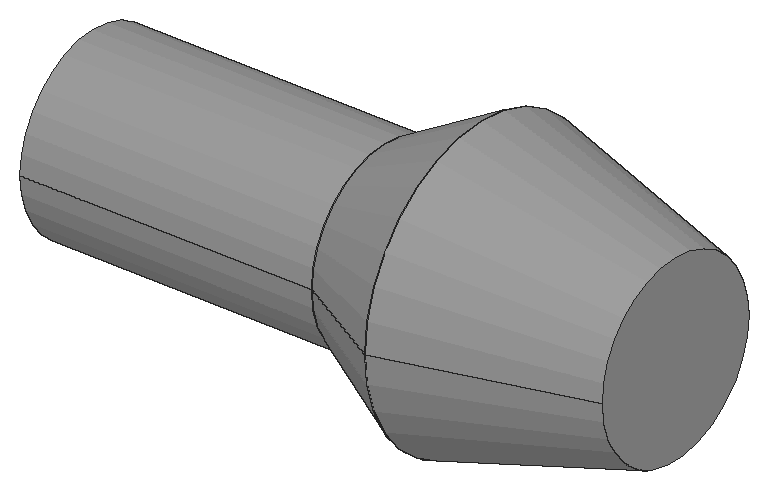
Revit family "Branch Connection - Threaded - Generic", category Pipe Fittings, Revit 2027
Family settings
  Round Connector Dimension = Use Radius
  Part Type = Spud - Perpendicular
  Work Plane-Based = No
  Always vertical = Yes
  Cut with Voids When Loaded = No
  Shared = No
Parameters (values of type "1/4" Connection")
  built-in parameter 1114214 [instance] = 0' - 1"
  built-in parameter 1114213 [instance] = 0' - 1"
  built-in parameter 1114215 [instance] = size_lookup(Lookup Table Name, "Lgt", 0.36 * Nominal Diameter + 205/256", Nominal Diameter)  # 0.0625 (stored number, unit not read)
  Nominal Radius [instance] = 1/8"
  Nominal Diameter [instance] = Nominal Radius * 2  # 1/4"
  Loss Method = Not Defined
  Lookup Table Name = "Branch Connection - Threaded - Generic"
  Fitting Outside Radius 2 [instance] = Fitting Outside Diameter 2 / 2  # 5/16"
  Fitting Outside Radius 1 [instance] = Fitting Outside Diameter 1 / 2  # 1/2"
  Fitting Outside Diameter 2 [instance] = size_lookup(Lookup Table Name, "FOD2", 1.05 * Nominal Diameter + 27/64", Nominal Diameter)  # 5/8"
  Fitting Outside Diameter 1 [instance] = size_lookup(Lookup Table Name, "FOD1", 1.31 * Nominal Diameter + 101/128", Nominal Diameter)  # 1"
  Fitting Material = Steel, Carbon
  Default Elevation = 0' - 0"
Types (4): name | built-in parameter 1114215 | Nominal Radius | Nominal Diameter | Fitting Outside Radius 2 | Fitting Outside Radius 1 | Fitting Outside Diameter 2 | Fitting Outside Diameter 1
  1/4" Connection | 0.0625 (stored number, unit not read) | 1/8" | 1/4" | 5/16" | 1/2" | 5/8" | 1"
  1 1/4 Connection | 0.10938 (stored number, unit not read) | 5/8" | 1 1/4" | 7/8" | 1 9/32" | 1 3/4" | 2 9/16"
  1/2" Connection | 0.083333 (stored number, unit not read) | 1/4" | 1/2" | 15/32" | 45/64" | 15/16" | 1 13/32"
  Standard | 0.0625 (stored number, unit not read) | 1/16" | 1/8" | 5/16" | 1/2" | 5/8" | 1"
Reference planes (in)
  plane 1 "Center (Front/Back)": y = 0
  plane 2: z = 0
  plane 3 "Center (Left/Right)": x = 0
  plane 4: x = -1
  plane 5: x = 1
  plane 6: x = 0.33333
  plane 7: x = 0.66667
Forms (in)
  Extrusion 1, solid, material "Steel, Carbon" <- "Fitting Material", detail levels fine
    sketch origin (0, 0, 0) x (0, 1, 0) y (0, 0, 1)
      loop
        circle (0, 0) r 0.3125
    from -1 to 0
  Blend 2, solid, material "Steel, Carbon" <- "Fitting Material", detail levels fine
    base sketch origin (0, 0, 0) x (0, 1, 0) y (0, 0, 1)
      loop
        circle (0, 0) r 0.3125
    top sketch origin (0, 0, 0) x (0, 1, 0) y (0, 0, 1)
      loop
        circle (0, 0) r 0.5
    from 0 to 0.33333
  Blend 3, solid, material "Steel, Carbon" <- "Fitting Material", detail levels fine
    base sketch origin (0, 0, 0) x (0, 1, 0) y (0, 0, 1)
      loop
        circle (0, 0) r 0.3125
    top sketch origin (0, 0, 0) x (0, 1, 0) y (0, 0, 1)
      loop
        circle (0, 0) r 0.5
    from 1 to 0.33333
Dimensions and locks (in)
  "built-in parameter 1114214": plane 4 to plane 3 "Center (Left/Right)"
  "built-in parameter 1114213": plane 3 "Center (Left/Right)" to plane 5
  equal spacing: plane 3 "Center (Left/Right)", plane 6, plane 7, plane 5
  "Fitting Outside Radius 2": radius of Extrusion 1 sketch curve
  "Fitting Outside Radius 2": radius of Blend 2 sketch curve
  "Fitting Outside Radius 1": radius of Blend 2 sketch curve
  "Fitting Outside Radius 2": radius of Blend 3 sketch curve
  "Fitting Outside Radius 1": radius of Blend 3 sketch curve
  aligned and locked: plane 2 to level
  aligned and locked: plane 2 to Extrusion 1 sketch curve
  aligned and locked: plane 1 "Center (Front/Back)" to Extrusion 1 sketch curve
  aligned and locked: Extrusion 1 to plane 4
  aligned and locked: plane 3 "Center (Left/Right)" to Extrusion 1
  aligned and locked: plane 2 to Blend 2 sketch curve  (x2)
  aligned and locked: plane 1 "Center (Front/Back)" to Blend 2 sketch curve  (x2)
  aligned and locked: Blend 2 to plane 3 "Center (Left/Right)"
  aligned and locked: plane 6 to Blend 2
  aligned and locked: plane 2 to Blend 3 sketch curve  (x2)
  aligned and locked: plane 1 "Center (Front/Back)" to Blend 3 sketch curve  (x2)
  aligned and locked: Blend 3 to plane 5
  aligned and locked: Blend 3 to plane 6
Connectors (in)
  piping at (0, 0, 0), diameter 0.25, driven by "Nominal Radius"
    settings: on Blend 2, index 1, connector inside diameter 1/8", connector length 0' - 0", flow factor 0, pipe flow 0 GPM, pressure drop 0.00 psi, fitting loss kfactor 0, connector angle 0.00°, fixture units 0, engagement length 0' - 0", angle of deflection 0.00°, flow configuration 0, flow direction 0, fitting loss method 0, system type 28, joint type 0, gender type 0, connector reference index 2, connector utility 0, adjustable connector no, is connector primary yes, connector description ""
  piping at (1, 0, 0), diameter 0.25, driven by "Nominal Radius"
    settings: on Blend 3, index 2, connector inside diameter 1/8", connector length 0' - 0", flow factor 0, pipe flow 0 GPM, pressure drop 0.00 psi, fitting loss kfactor 0, connector angle 0.00°, fixture units 0, engagement length 0' - 0", angle of deflection 0.00°, flow configuration 0, flow direction 0, fitting loss method 0, system type 28, joint type 0, gender type 0, connector reference index 1, connector utility 0, adjustable connector no, is connector primary no, connector description ""
